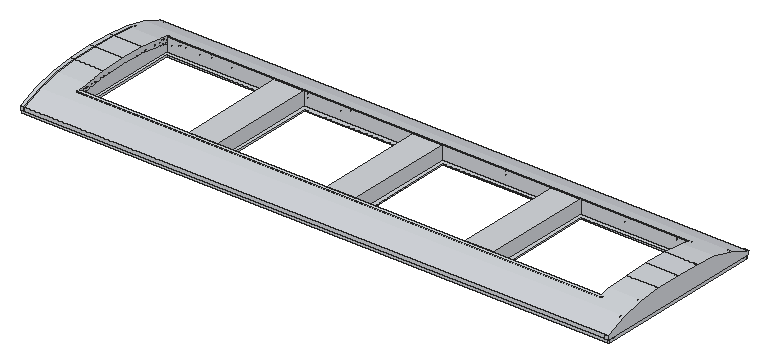
Revit family "Gira_0214726", category Electrical Fixtures, host Face, Revit 2017
Family settings
  Host = Face
  Maintain Annotation Orientation = No
  Round Connector Dimension = Use Diameter
  Part Type = Normal
  Cut with Voids When Loaded = No
  Shared = No
  Room Calculation Point = No
Parameters (values of type "Cov.fr. 4-g interm.fr. CAl Gira Event Clear white")
  URL = "http://katalog.gira.de/en/datenblatt.html?artikelnr=0214726"
  Transparent = "No"
  Name = "Cov.fr. 4-g interm.fr. CAl Gira Event Clear white"
  Manufacturer URL = "https://www.gira.de/"
  Manufacturer = "Gira"
  Label space/information surface = "No"
  Keynote = ""
  HeinzeBIM = "https://bimportal.heinze.de/bim/cov-fr-4-g-interm-fr-cal-gira-event-clear-white/782a8fc3d6687cf1bf65f94959a20bad9f981b71"
  HAN = "0214726"
  GTIN = "4010337068730"
  Description = "Cov.fr.4g i.fr.CAl EvCl WH,Gira Event Clear cover frame,white with colour aluminium intermediate frame,4-gang,Features:,- Shatter-proof."
  Default Elevation = 1219.2 mm
  Data sheet (1) = "https://katalog.gira.de/en/download.html?artikelnr=0214726"
  Category = "Cover frame for domestic switching devices"
  BIM (1) = "https://media.stage.bim.site/public/gira/36a6b08/Event_Rahmen_4fach.rfa"
  Available = "No"
Reference planes
  plane 1 "Center (Front/Back)": y = 0
  plane 2: z = 0
  plane 3 "Center (Left/Right)": x = 0
Forms (mm)
  Extrusion 1, solid, detail levels fine
    sketch origin (0, 0, 0.05) x (0, 1, 0) y (0, 0, 1)
      loop
        arc (12.445, 9.683) -> (6.223, 9.833) -> (0, 9.85) r 291.636
        arc (0, 9.85) -> (-6.223, 9.833) -> (-12.445, 9.683) r 291.636
        arc (-12.445, 9.683) -> (-29.14, 7.482) -> (-45, 1.823) r 79.728
        line (-45, 1.823) -> (-45, -0.05) -> (-42.086, -0.05)
        arc (-42.086, -0.05) -> (-21.385, 5.559) -> (0, 7.206) r 114.424
        arc (0, 7.206) -> (21.385, 5.559) -> (42.086, -0.05) r 114.424
        line (42.086, -0.05) -> (45, -0.05) -> (45, 1.823)
        arc (45, 1.823) -> (29.14, 7.482) -> (12.445, 9.683) r 79.728
    from -151.95 to 151.935
  Extrusion 2, void, detail levels fine
    sketch origin (0, 0, 0) x (1, 0, 0) y (0, 1, 0)
      loop
        line (134.95, 28.035) -> (-134.95, 28.035) -> (-134.95, -28.035) -> (134.95, -28.035) -> (134.95, 28.035)
    from 0.724 to 11
  Extrusion 3, solid, detail levels coarse
    sketch origin (0, 0, 0) x (1, 0, 0) y (0, 1, 0)
      loop
        line (-151.95, 45) -> (-151.95, -45) -> (151.935, -45) -> (151.935, 45) -> (-151.95, 45)
    from -1.5 to 9.9
  Extrusion 4, solid, detail levels medium
    sketch origin (0, 0, 0.05) x (0, 1, 0) y (0, 0, 1)
      loop
        arc (12.445, 9.683) -> (6.223, 9.833) -> (0, 9.85) r 291.636
        arc (0, 9.85) -> (-6.223, 9.833) -> (-12.445, 9.683) r 291.636
        arc (-12.445, 9.683) -> (-29.14, 7.482) -> (-45, 1.823) r 79.728
        line (-45, 1.823) -> (-45, -0.05) -> (45, -0.05) -> (45, 1.823)
        arc (45, 1.823) -> (29.14, 7.482) -> (12.445, 9.683) r 79.728
    from -151.95 to 151.935
  Extrusion 5, solid, detail levels fine
    sketch origin (-106.95, 0, -1.5) x (0, 1, 0) y (0, 0, -1)
      loop
        line (45, -3.373) -> (45, -1.5) -> (-45, -1.5) -> (-45, -3.373)
        arc (-45, -3.373) -> (-29.14, -9.032) -> (-12.445, -11.233) r 79.728
        arc (-12.445, -11.233) -> (-6.223, -11.383) -> (0, -11.4) r 291.636
        arc (0, -11.4) -> (6.223, -11.383) -> (12.445, -11.233) r 291.636
        arc (12.445, -11.233) -> (29.14, -9.032) -> (45, -3.373) r 79.728
    from 43 to 45
  Extrusion 6, solid, detail levels fine
    sketch origin (0, 0, 0) x (1, 0, 0) y (0, 1, 0)
      loop
        line (-132.85, 25.7) -> (-132.85, -25.7) -> (-81.05, -25.7) -> (-81.05, 25.7) -> (-132.85, 25.7)
      loop
        line (-9.755, -25.7) -> (-9.755, 25.7) -> (-61.555, 25.7) -> (-61.555, -25.7) -> (-9.755, -25.7)
      loop
        line (-135.845, 28.49) -> (-135.845, -28.495)
        spline (-135.845, -28.495) -> (-135.836, -28.625) -> (-135.811, -28.754) -> (-135.769, -28.878) -> (-135.711, -28.995) -> (-135.638, -29.104) -> (-135.552, -29.202) -> (-135.454, -29.288) -> (-135.345, -29.361) -> (-135.228, -29.419) -> (-135.104, -29.461) -> (-134.975, -29.486) -> (-134.845, -29.495)
        line (-134.845, -29.495) -> (134.845, -29.495)
        spline (134.845, -29.495) -> (134.975, -29.486) -> (135.104, -29.461) -> (135.228, -29.419) -> (135.345, -29.361) -> (135.454, -29.288) -> (135.552, -29.202) -> (135.638, -29.104) -> (135.711, -28.995) -> (135.769, -28.878) -> (135.811, -28.754) -> (135.836, -28.625) -> (135.845, -28.495)
        line (135.845, -28.495) -> (135.845, 28.49)
        spline (135.845, 28.49) -> (135.836, 28.62) -> (135.811, 28.748) -> (135.769, 28.872) -> (135.711, 28.99) -> (135.638, 29.098) -> (135.552, 29.197) -> (135.454, 29.283) -> (135.345, 29.356) -> (135.228, 29.413) -> (135.104, 29.456) -> (134.975, 29.481) -> (134.845, 29.49)
        line (134.845, 29.49) -> (-134.845, 29.49)
        spline (-134.845, 29.49) -> (-134.975, 29.481) -> (-135.104, 29.456) -> (-135.228, 29.413) -> (-135.345, 29.356) -> (-135.454, 29.283) -> (-135.552, 29.197) -> (-135.638, 29.098) -> (-135.711, 28.99) -> (-135.769, 28.872) -> (-135.811, 28.748) -> (-135.836, 28.62) -> (-135.845, 28.49)
      loop
        line (61.545, -25.7) -> (61.545, 25.7) -> (9.745, 25.7) -> (9.745, -25.7) -> (61.545, -25.7)
      loop
        line (132.85, -25.7) -> (132.85, 25.7) -> (81.05, 25.7) -> (81.05, -25.7) -> (132.85, -25.7)
    from 0.1 to 7.3
  Extrusion 7, solid
    sketch origin (0, 0, 0) x (1, 0, 0) y (0, 1, 0)
      loop
        arc (-151.65, -44.218) -> (-151.504, -44.572) -> (-151.15, -44.718) r 0.5
        line (-151.15, -44.718) -> (151.15, -44.718)
        arc (151.15, -44.718) -> (151.504, -44.572) -> (151.65, -44.218) r 0.5
        line (151.65, -44.218) -> (151.65, 44.182)
        arc (151.65, 44.182) -> (151.504, 44.535) -> (151.15, 44.682) r 0.5
        line (151.15, 44.682) -> (-151.15, 44.682)
        arc (-151.15, 44.682) -> (-151.504, 44.535) -> (-151.65, 44.182) r 0.5
        line (-151.65, 44.182) -> (-151.65, -44.218)
      loop
        line (-149.95, 42.982) -> (-149.95, -43.018) -> (149.95, -43.018) -> (149.95, 42.982) -> (-149.95, 42.982)
    from -1.5 to 0.5
  Extrusion 8, solid, detail levels fine
    sketch origin (106.935, 0, -1.5) x (0, 1, 0) y (0, 0, 1)
      loop
        arc (45, 3.373) -> (29.14, 9.032) -> (12.445, 11.233) r 79.728
        arc (12.445, 11.233) -> (6.223, 11.383) -> (0, 11.4) r 291.636
        arc (0, 11.4) -> (-6.223, 11.383) -> (-12.445, 11.233) r 291.636
        arc (-12.445, 11.233) -> (-29.14, 9.032) -> (-45, 3.373) r 79.728
        line (-45, 3.373) -> (-45, 1.5) -> (45, 1.5) -> (45, 3.373)
    from 43 to 45
  Extrusion 9, solid, detail levels medium
    sketch origin (0, 0, 0) x (1, 0, 0) y (0, 1, 0)
      loop
        line (-151.65, -44.718) -> (151.65, -44.718) -> (151.65, 44.682) -> (-151.65, 44.682) -> (-151.65, -44.718)
    from -1.5 to 0.5
  Extrusion 10, solid, detail levels fine
    sketch origin (-69.857, 0, 0) x (1, 0, 0) y (0, 1, 0)
      loop
        line (-8.943, 28.063) -> (-8.943, -27.937) -> (6.057, -27.937) -> (6.057, 28.063) -> (-8.943, 28.063)
    from 0.724 to 7.566
  Extrusion 11, solid, detail levels fine
    sketch origin (-1.443, 0, 0) x (-1, 0, 0) y (0, -1, 0)
      loop
        line (-8.943, -28.063) -> (6.057, -28.063) -> (6.057, 27.937) -> (-8.943, 27.937) -> (-8.943, -28.063)
    from 0.724 to 7.566
  Extrusion 12, solid, detail levels fine
    sketch origin (69.857, 0, 0) x (-1, 0, 0) y (0, -1, 0)
      loop
        line (-8.943, -28.063) -> (6.057, -28.063) -> (6.057, 27.937) -> (-8.943, 27.937) -> (-8.943, -28.063)
    from 0.724 to 7.566
Cuts and joins
  Extrusion 2 cuts Extrusion 1
  Extrusion 2 cuts Extrusion 6
Dimensions and locks
  aligned and locked: plane 2 to host face
  aligned and locked: level to host face
